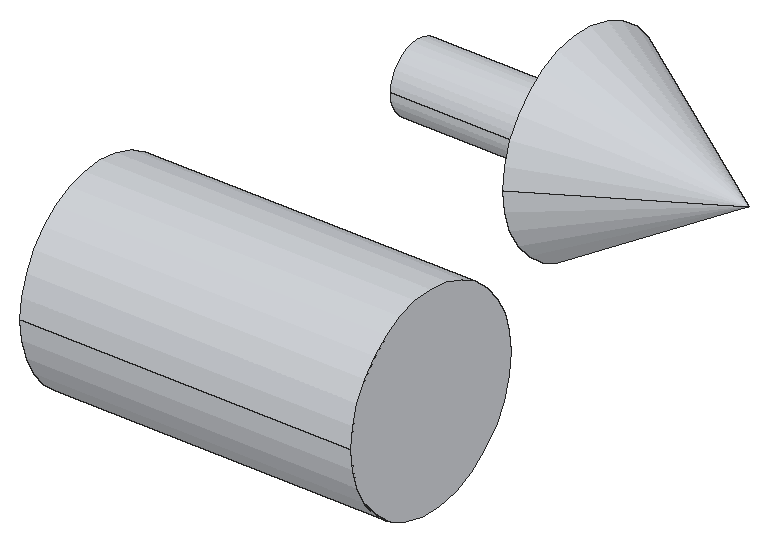
Revit family "Routing Terminate Point", category Mechanical Equipment, Revit 2022
Family settings
  Round Connector Dimension = Use Diameter
  Part Type = Normal
  OmniClass Number = 23.75.00.00
  OmniClass Title = Climate Control (HVAC)
  Work Plane-Based = No
  Always vertical = Yes
  Cut with Voids When Loaded = No
  Maintain Annotation Orientation = No
  Shared = No
  Room Calculation Point = No
Parameters
  Default Elevation = 0 mm
  Arent-RoundDuct-MarkupDiameter [instance] = [Arent-RoundDuct-Diameter] + 20 mm  # 30.16 mm
  Arent-RoundDuct-Diameter [instance] = 10.16 mm
Reference planes
  plane 1 "Center (Front/Back)": y = 0
  plane 2: z = 0
  plane 3 "Center (Left/Right)": x = 0
  plane 4: x = -25
  plane 5: x = 25
  plane 6: x = 12.5
  plane 7: y = 60
  plane 8: y = -15.08
  plane 9: y = 15.08
  plane 10: y = 54.92
  plane 11: y = 65.08
Forms (mm)
  Extrusion 1, solid
    sketch origin (0, 0, 0) x (0, 1, 0) y (0, 0, 1)
      loop
        circle (0, 0) r 15.08
    from -25 to 25
  Revolve 2, solid
    sketch origin (0, 0, 0) x (1, 0, 0) y (0, 1, 0)
      loop
        line (25, 60) -> (-25, 60) -> (-25, 54.92) -> (0, 54.92) -> (0, 44.92) -> (25, 60)
      axis (-25, 60) -> (25, 60)
    angle from 0 to 360
Dimensions and locks
  equal spacing: plane 4, plane 3 "Center (Left/Right)", plane 5
  plane 4 to plane 5 = 50 mm
  equal spacing: plane 3 "Center (Left/Right)", plane 6, plane 5
  equal spacing: plane 8, plane 1 "Center (Front/Back)", plane 9
  "Arent-RoundDuct-MarkupDiameter": plane 8 to plane 9
  equal spacing: plane 11, plane 7, plane 10
  plane 11 to plane 9 = 50 mm
  locked: plane 11 to plane 10 at 10.16
  "Arent-RoundDuct-MarkupDiameter": diameter of Extrusion 1 sketch curve
  aligned and locked: level to plane 2
  aligned and locked: Extrusion 1 to plane 4
  aligned and locked: plane 5 to Extrusion 1
  aligned and locked: Revolve 2 sketch curve to plane 7
  aligned and locked: plane 7 to Revolve 2 sketch curve
  aligned and locked: plane 10 to Revolve 2 sketch curve
  aligned and locked: Revolve 2 sketch curve to plane 4
  aligned and locked: Revolve 2 sketch curve to plane 3 "Center (Left/Right)"
Automatic sketch dimensions
  Revolve 2 sketch curve to plane 5 = 0 mm
  Revolve 2 sketch curve to plane 4 = 14.932 mm
  plane 5 to Revolve 2 sketch curve = 30.757 mm
  Revolve 2 sketch curve to Revolve 2 sketch curve = 10 mm
  Extrusion 1 sketch curve to level = 0 mm
  Extrusion 1 sketch curve to plane 1 "Center (Front/Back)" = 0 mm
